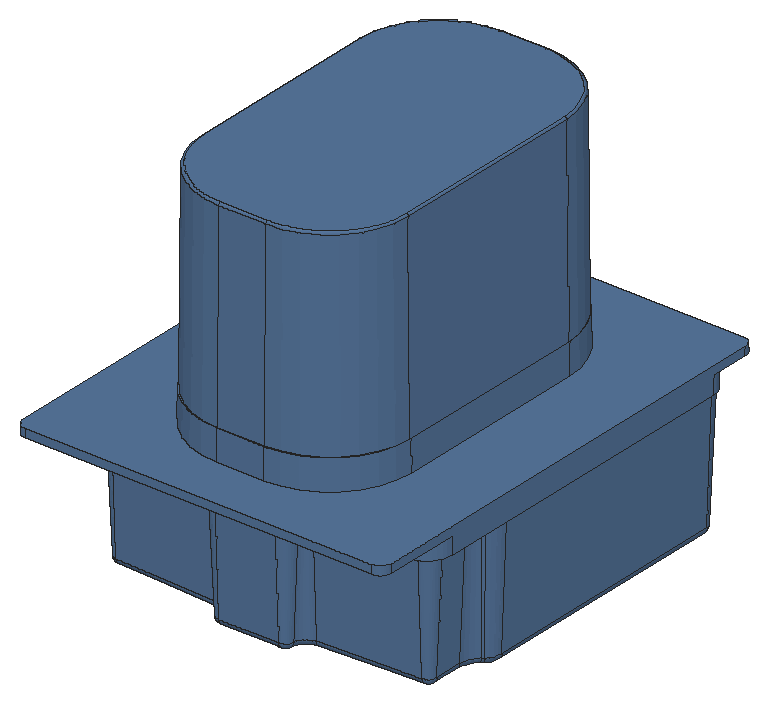
Revit family "Grohe_PlumbingFixtures_ConcealedBody_Eurosmart_36322001a", category Plumbing Fixtures, host Face, Revit 2017
Family settings
  Host = Face
  Round Connector Dimension = Use Diameter
  Part Type = Normal
  OmniClass Number = 23.65.00.00
  OmniClass Title = Supply and Distribution of Liquids and Gases
  Cut with Voids When Loaded = No
  Shared = No
  Room Calculation Point = No
Parameters (values of type "36322001")
  _DistributedBy = "www.bimstore.co"
  _CurrentRevision = 1
  _CreatedBy = "www.bimstore.co"
  _BimSpecGuid = 0
  _BSBibleVersion = 15
  _AuthorizedBy = "bimstore"
  _Author = "RL"
  Waste Connection = no
  WarrantyStartDate [instance] = "Please Record On Commissioning."
  WarrantyGuarantorParts = "info-uk@grohe.com"
  WarrantyGuarantorLabor = "info-uk@grohe.com"
  WarrantyDurationUnit = "Years"
  WarrantyDurationParts = "0"
  WarrantyDurationLabor = "0"
  WarrantyDescription = "n/a"
  Vent Connection = no
  URL = "https://www.grohe.com"
  TypeName = Type Comments  # "36322001"
  Type Comments = "36322001"
  SpareParts = "n/a"
  Size = "n/a"
  Shape = "n/a"
  SerialNumber [instance] = "Please Record On Commissioning."
  ReplacementCost = "n/a"
  ReferencedStandard = "n/a"
  ProductionYear = "2020"
  ProductPageURL = "n/a"
  ProductDocumentationLink = "n/a"
  PercentageOfRecycledContent = "n/a"
  OffsetCalc [instance] = if(Offset < 18 mm, 18 mm, if(Offset > 68 mm, 68 mm, Offset))  # 50 mm
  Offset [instance] = 50 mm
  NominalLength = 0 mm
  NominalHeight = 0 mm
  NominalDepth = 0 mm
  NBSReference = "45-35-70/335"
  NBSOfficeMasterTag = "n/a"
  NBSObjectName = "Grohe - Shower thermostatic valves"
  NBSNote = ""
  NBSDescription = "Shower thermostatic valves"
  ModelReference = Model  # "Eurosmart Cosmopolitan T Concealed mounting box with mixture"
  ModelNumber = Type Comments  # "36322001"
  Model = "Eurosmart Cosmopolitan T Concealed mounting box with mixture"
  Material = "n/a"
  MasterformatTitle = "Sanitary Facilities"
  MasterformatNumber = "01 52 19"
  ManufacturerName = "Grohe"
  Manufacturer = "Grohe"
  LowEmittingMaterial = no
  LEEDCredit = "n/a"
  Keynote = "N13"
  InstallationDate [instance] = "Please Record On Commissioning."
  IndustryStandards = "n/a"
  IfcExportType = "IfcPipeFittingType"
  IfcExportAs = "IfcPipeFitting"
  HotWaterConnectionDiameter = 10 mm
  HWFU = 4.5
  HW Connection = yes
  Grade = "n/a"
  Finish = "n/a"
  Features = Description  # "wall installation. suitable for self-closing final installation sets. with adhesive flange for sealing the wall. 2 stop valves. housing with mixing device. non-return valve. for use with 36 321 000. allows for waterproofing of wall construction surrounding the concealed body. with sealing sleeve."
  FaucetMaterial = Plastic, Opaque Dark Blue
  ExpectedLife = 0
  Ecojoy = no
  DurationUnit = "Years"
  DocumentationTechnical = "https://www.grohe.com/"
  DocumentationMaintenance = "https://www.grohe.com/"
  DocumentationLiterature = "https://www.grohe.com/"
  DocumentationInstallationGuide = "https://www.grohe.com/"
  DocumentationCertificates = "https://www.grohe.com/"
  Description = "wall installation. suitable for self-closing final installation sets. with adhesive flange for sealing the wall. 2 stop valves. housing with mixing device. non-return valve. for use with 36 321 000. allows for waterproofing of wall construction surrounding the concealed body. with sealing sleeve."
  Default Elevation = 0 mm
  CreatedOn = "2020-02-01T09:00:00"
  CreatedBy = "info-uk@grohe.com"
  Cost = 0
  Constituents = "n/a"
  Color = "Blue"
  ColdWaterConnectionDiameter = 10 mm
  CodePerformance = "n/a"
  ClassificationValue = "Pr_40_20_87_80"
  ClassificationName = "Uniclass2015"
  CWFU = 4.5
  CW Connection = yes
  BarCode [instance] = "Please Record On Commissioning."
  BIMObjectName = "Grohe_PlumbingFixtures_ConcealedBody_Eurosmart_36322001"
  AssetType = "Fixed"
  AssetIdentifier [instance] = "Please Record On Commissioning."
  Assembly Code = "C1030"
  AccessibilityPerformance = "n/a"
  ADACompliant = no
Reference planes
  plane 1 "Center (Front/Back)": y = 0
  plane 2: z = 0
  plane 3 "Center (Left/Right)": x = 0
  plane 4: z = -50
Dimensions and locks
  "OffsetCalc": host face to plane 4
  aligned and locked: plane 2 to host face
  aligned and locked: level to host face
  aligned and locked: plane 1 "Center (Front/Back)" to nested 1
  aligned and locked: plane 3 "Center (Left/Right)" to nested 1
Nested families
  nested 1: "Family1" at (0, 0, -50), type "Family1"
Connectors
  piping at (46, 98.75, -92), diameter 21
    settings: on nested 1, index 4, connector inside diameter 609.6 mm, connector length 0 mm, flow factor 0, pipe flow 0.0 L/s, pressure drop 0.0 Pa, fitting loss kfactor 0, connector angle 0.00°, fixture units 0, engagement length 0 mm, angle of deflection 0.00°, flow configuration 0, flow direction 0, fitting loss method 0, system type 7, joint type 0, gender type 0, connector reference index -1, connector utility 0, adjustable connector no, is connector primary yes, connector description "G 1/2"
  piping at (-46, 98.75, -92), diameter 21
    settings: on nested 1, index 5, connector inside diameter 609.6 mm, connector length 0 mm, flow factor 0, pipe flow 0.0 L/s, pressure drop 0.0 Pa, fitting loss kfactor 0, connector angle 0.00°, fixture units 0, engagement length 0 mm, angle of deflection 0.00°, flow configuration 0, flow direction 0, fitting loss method 0, system type 7, joint type 0, gender type 0, connector reference index -1, connector utility 0, adjustable connector no, is connector primary no, connector description "G 1/2"
  piping at (-0.001, 98.75, -92), diameter 21
    settings: on nested 1, index 6, connector inside diameter 609.6 mm, connector length 0 mm, flow factor 0, pipe flow 0.0 L/s, pressure drop 0.0 Pa, fitting loss kfactor 0, connector angle 0.00°, fixture units 0, engagement length 0 mm, angle of deflection 0.00°, flow configuration 0, flow direction 0, fitting loss method 0, system type 7, joint type 0, gender type 0, connector reference index -1, connector utility 0, adjustable connector no, is connector primary no, connector description "G 1/2"
Definition of nested family "Family1"
  Parameters (values of type "Family1")
    Default Elevation = 1219.2 mm
  Reference planes
    plane 1 "Center (Front/Back)": y = 0
    plane 2: z = 0
    plane 3 "Center (Left/Right)": x = 0
  Forms (mm)
    Extrusion 1, solid
      sketch origin (0, 0, 0) x (1, 0, 0) y (0, 1, 0)
        loop
          line (-1219.2, 1219.2) -> (-1219.2, -1219.2) -> (1219.2, -1219.2) -> (1219.2, 1219.2) -> (-1219.2, 1219.2)
      from 0 to -304.8
    Sweep 2, solid
      path origin (0, 0, 0) x (1, 0, 0) y (0, 1, 0)
        loop
          line (10.654, 81.375) -> (-10.623, 81.375)
          arc (-10.623, 81.375) -> (-36.863, 70.677) -> (-48.145, 44.682) r 37.531
          arc (-48.145, 44.682) -> (-48.644, -0.087) -> (-48.141, -44.856) r 2000.194
          arc (-48.141, -44.856) -> (-36.868, -70.827) -> (-10.65, -81.515) r 37.5
          line (-10.65, -81.515) -> (10.65, -81.515)
          arc (10.65, -81.515) -> (36.868, -70.827) -> (48.141, -44.856) r 37.5
          arc (48.141, -44.856) -> (48.644, -0.071) -> (48.144, 44.713) r 2000.194
          arc (48.144, 44.713) -> (36.872, 70.686) -> (10.654, 81.375) r 37.5
      profile origin (0.015, 81.375, 0) x (0, -1, 0) y (0, 0, 1)
        loop
          line (0.178, 17.5) -> (-0.001, 3.8) -> (20, 3.8) -> (20, 17.5) -> (0.178, 17.5)
    Sweep 3, solid
      path origin (0, 0, 0) x (1, 0, 0) y (0, 1, 0)
        loop
          line (10.654, 81.375) -> (-10.623, 81.375)
          arc (-10.623, 81.375) -> (-36.863, 70.677) -> (-48.145, 44.682) r 37.531
          arc (-48.145, 44.682) -> (-48.644, -0.087) -> (-48.141, -44.856) r 2000.194
          arc (-48.141, -44.856) -> (-36.868, -70.827) -> (-10.65, -81.515) r 37.5
          line (-10.65, -81.515) -> (10.65, -81.515)
          arc (10.65, -81.515) -> (36.868, -70.827) -> (48.141, -44.856) r 37.5
          arc (48.141, -44.856) -> (48.644, -0.071) -> (48.144, 44.713) r 2000.194
          arc (48.144, 44.713) -> (36.872, 70.686) -> (10.654, 81.375) r 37.5
      profile origin (0.015, 81.375, 0) x (0, -1, 0) y (0, 0, 1)
        loop
          line (0.678, 17.5) -> (20, 17.5) -> (20, 108) -> (2.459, 108)
          arc (2.459, 108) -> (1.755, 107.71) -> (1.459, 107.009) r 1
          line (1.459, 107.009) -> (0.678, 17.5)
    Extrusion 4, solid
      sketch origin (0, 0, 0) x (1, 0, 0) y (0, 1, 0)
        loop
          arc (28.149, 44.266) -> (22.889, 56.387) -> (10.654, 61.375) r 17.5
          line (10.654, 61.375) -> (-10.623, 61.375)
          arc (-10.623, 61.375) -> (-22.88, 56.378) -> (-28.15, 44.235) r 17.531
          arc (-28.15, 44.235) -> (-28.644, -0.086) -> (-28.146, -44.408) r 1980.194
          arc (-28.146, -44.408) -> (-22.885, -56.527) -> (-10.65, -61.515) r 17.5
          line (-10.65, -61.515) -> (10.65, -61.515)
          arc (10.65, -61.515) -> (22.885, -56.527) -> (28.146, -44.408) r 17.5
          arc (28.146, -44.408) -> (28.644, -0.071) -> (28.149, 44.266) r 1980.194
      from 3.8 to 108
    Extrusion 5, solid
      sketch origin (0, 0, 0) x (1, 0, 0) y (0, 1, 0)
        loop
          arc (-78.2, 105) -> (-81.736, 103.536) -> (-83.2, 100) r 5
          line (-83.2, 100) -> (-83.2, -100)
          arc (-83.2, -100) -> (-81.736, -103.536) -> (-78.2, -105) r 5
          line (-78.2, -105) -> (78.2, -105)
          arc (78.2, -105) -> (81.736, -103.536) -> (83.2, -100) r 5
          line (83.2, -100) -> (83.2, 100)
          arc (83.2, 100) -> (81.736, 103.536) -> (78.2, 105) r 5
          line (78.2, 105) -> (-78.2, 105)
      from 0 to 3.8
    Revolve 6, solid
      sketch origin (46.001, 0, 0) x (0, 1, 0) y (0, 0, 1)
        loop
          line (114.65, -32.722) -> (113.45, -31.522) -> (92.75, -31.522) -> (92.75, -25.5) -> (91.25, -25.5) -> (91.25, -26.3) -> (86.25, -26.3)
          arc (86.25, -26.3) -> (86.016, -25.734) -> (85.45, -25.5) r 0.8
          line (85.45, -25.5) -> (75.65, -25.5) -> (75.65, -42) -> (114.65, -42) -> (114.65, -32.722)
        axis (75.65, -42) -> (114.65, -42)
      angle from 0 to 360
    Extrusion 7, solid
      sketch origin (0, 0, 0) x (1, 0, 0) y (0, 0, 1)
        loop
          line (53.794, -28.5) -> (38.206, -28.5) -> (30.412, -42) -> (38.206, -55.5) -> (53.794, -55.5) -> (61.588, -42) -> (53.794, -28.5)
      from -98.75 to -92.75
    Extrusion 8, solid
      sketch origin (250, 0, 0) x (1, 0, 0) y (0, 1, 0)
        loop
          line (-277.547, -86.897) -> (-222.453, -86.897)
          arc (-222.453, -86.897) -> (-218.243, -86.059) -> (-214.675, -83.675) r 11
          line (-214.675, -83.675) -> (-209.17, -78.17) -> (-177.224, -76.496)
          arc (-177.224, -76.496) -> (-169.821, -73.083) -> (-166.8, -65.511) r 11
          line (-166.8, -65.511) -> (-166.8, 82.5)
          arc (-166.8, 82.5) -> (-168.734, 87.331) -> (-173.467, 89.492) r 7
          arc (-173.467, 89.492) -> (-185.122, 90.005) -> (-196.78, 90.432) r 1610.536
          arc (-196.78, 90.432) -> (-250, 91.312) -> (-303.22, 90.432) r 1610.536
          arc (-303.22, 90.432) -> (-314.878, 90.005) -> (-326.533, 89.492) r 1610.536
          arc (-326.533, 89.492) -> (-331.266, 87.331) -> (-333.2, 82.5) r 7
          line (-333.2, 82.5) -> (-333.2, -65.511)
          arc (-333.2, -65.511) -> (-330.179, -73.083) -> (-322.776, -76.496) r 11
          line (-322.776, -76.496) -> (-290.83, -78.17) -> (-285.325, -83.675)
          arc (-285.325, -83.675) -> (-281.757, -86.059) -> (-277.547, -86.897) r 11
      from -8 to 0
    Sweep 9, solid
      path origin (0, 0, 0) x (1, 0, 0) y (0, 1, 0)
        loop
          line (-13.515, -77.761) -> (13.515, -77.761)
          arc (13.515, -77.761) -> (16.898, -76.442) -> (18.497, -73.181) r 5
          arc (18.497, -73.181) -> (20, -70.01) -> (23.217, -68.608) r 5
          line (23.217, -68.608) -> (69.228, -66.197)
          arc (69.228, -66.197) -> (72.594, -64.646) -> (73.967, -61.204) r 5
          line (73.967, -61.204) -> (73.967, -48.666)
          arc (73.967, -48.666) -> (74.728, -44.839) -> (76.896, -41.595) r 10
          line (76.896, -41.595) -> (78.092, -40.398)
          arc (78.092, -40.398) -> (80.26, -37.154) -> (81.021, -33.327) r 10
          line (81.021, -33.327) -> (81.021, 82.312)
          arc (81.021, 82.312) -> (79.557, 85.847) -> (76.021, 87.312) r 5
          line (76.021, 87.312) -> (-76.021, 87.312)
          arc (-76.021, 87.312) -> (-79.557, 85.847) -> (-81.021, 82.312) r 5
          line (-81.021, 82.312) -> (-81.021, -33.327)
          arc (-81.021, -33.327) -> (-80.26, -37.154) -> (-78.092, -40.398) r 10
          line (-78.092, -40.398) -> (-76.896, -41.595)
          arc (-76.896, -41.595) -> (-74.728, -44.839) -> (-73.967, -48.666) r 10
          line (-73.967, -48.666) -> (-73.967, -61.204)
          arc (-73.967, -61.204) -> (-72.594, -64.646) -> (-69.228, -66.197) r 5
          line (-69.228, -66.197) -> (-23.217, -68.608)
          arc (-23.217, -68.608) -> (-20, -70.01) -> (-18.497, -73.181) r 5
          arc (-18.497, -73.181) -> (-16.898, -76.442) -> (-13.515, -77.761) r 5
      profile origin (0, -77.761, 0) x (0, 1, 0) y (0, 0, 1)
        loop
          arc (1.167, -63.131) -> (2.09, -65.167) -> (4.164, -66) r 3
          line (4.164, -66) -> (4.164, 0) -> (-1.589, 0) -> (1.167, -63.131)
    Extrusion 10, solid
      sketch origin (0, 0, 0) x (1, 0, 0) y (0, 1, 0)
        loop
          line (76.021, 83.148) -> (-76.021, 83.148)
          arc (-76.021, 83.148) -> (-76.612, 82.903) -> (-76.857, 82.312) r 0.836
          line (-76.857, 82.312) -> (-76.857, -33.327)
          arc (-76.857, -33.327) -> (-76.413, -35.56) -> (-75.148, -37.454) r 5.836
          line (-75.148, -37.454) -> (-73.951, -38.65)
          arc (-73.951, -38.65) -> (-70.881, -43.246) -> (-69.803, -48.666) r 14.164
          line (-69.803, -48.666) -> (-69.803, -61.204)
          arc (-69.803, -61.204) -> (-69.573, -61.779) -> (-69.01, -62.039) r 0.836
          line (-69.01, -62.039) -> (-23, -64.45)
          arc (-23, -64.45) -> (-17.103, -67.019) -> (-14.347, -72.831) r 9.164
          arc (-14.347, -72.831) -> (-14.08, -73.376) -> (-13.515, -73.597) r 0.836
          line (-13.515, -73.597) -> (13.515, -73.597)
          arc (13.515, -73.597) -> (14.08, -73.376) -> (14.347, -72.831) r 0.836
          arc (14.347, -72.831) -> (17.103, -67.019) -> (23, -64.45) r 9.164
          line (23, -64.45) -> (69.01, -62.039)
          arc (69.01, -62.039) -> (69.573, -61.779) -> (69.803, -61.204) r 0.836
          line (69.803, -61.204) -> (69.803, -48.666)
          arc (69.803, -48.666) -> (70.881, -43.246) -> (73.951, -38.65) r 14.164
          line (73.951, -38.65) -> (75.148, -37.454)
          arc (75.148, -37.454) -> (76.413, -35.56) -> (76.857, -33.327) r 5.836
          line (76.857, -33.327) -> (76.857, 82.312)
          arc (76.857, 82.312) -> (76.612, 82.903) -> (76.021, 83.148) r 0.836
      from -66 to -8
    Revolve 11, solid
      sketch origin (-46.001, 0, 0) x (0, 1, 0) y (0, 0, -1)
        loop
          line (114.65, 32.722) -> (114.65, 42) -> (75.65, 42) -> (75.65, 25.5) -> (85.45, 25.5)
          arc (85.45, 25.5) -> (86.016, 25.734) -> (86.25, 26.3) r 0.8
          line (86.25, 26.3) -> (91.25, 26.3) -> (91.25, 25.5) -> (92.75, 25.5) -> (92.75, 31.522) -> (113.45, 31.522) -> (114.65, 32.722)
        axis (75.65, 42) -> (114.65, 42)
      angle from 0 to 360
    Extrusion 12, solid
      sketch origin (0, 0, 0) x (-1, 0, 0) y (0, 0, -1)
        loop
          line (53.794, 28.5) -> (61.588, 42) -> (53.794, 55.5) -> (38.206, 55.5) -> (30.412, 42) -> (38.206, 28.5) -> (53.794, 28.5)
      from -98.75 to -92.75
    Revolve 13, solid
      sketch origin (0, 0, 0) x (0, 1, 0) y (0, 0, 1)
        loop
          line (134.65, -32.722) -> (133.45, -31.522) -> (92.75, -31.522) -> (92.75, -25.5) -> (91.25, -25.5) -> (91.25, -26.3) -> (86.25, -26.3)
          arc (86.25, -26.3) -> (86.016, -25.734) -> (85.45, -25.5) r 0.8
          line (85.45, -25.5) -> (75.65, -25.5) -> (75.65, -42) -> (134.65, -42) -> (134.65, -32.722)
        axis (75.65, -42) -> (134.65, -42)
      angle from 0 to 360
    Extrusion 14, solid
      sketch origin (-46.001, 0, 0) x (1, 0, 0) y (0, 0, 1)
        loop
          line (53.794, -28.5) -> (38.206, -28.5) -> (30.412, -42) -> (38.206, -55.5) -> (53.794, -55.5) -> (61.588, -42) -> (53.794, -28.5)
      from -98.75 to -92.75
  Cuts and joins
    joined: Revolve 6, Extrusion 7
    joined: Sweep 2, Sweep 3, Extrusion 4, Extrusion 5, Extrusion 8, Sweep 9, Extrusion 10
  Dimensions and locks
    aligned and locked: plane 2 to Extrusion 1
    aligned and locked: level to Extrusion 1
